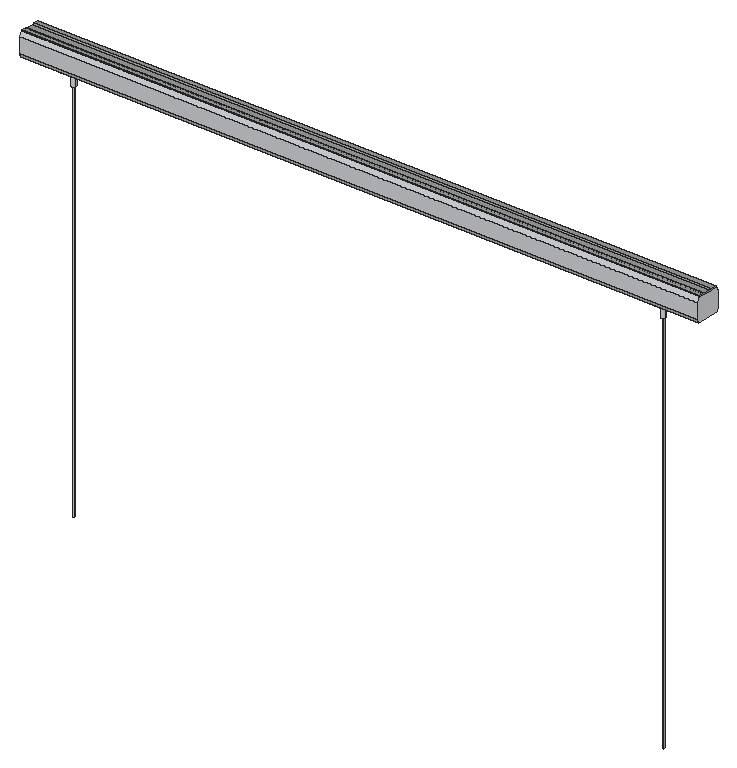
Revit family "0042530 Sylvania Lighting Fixture ISOLINE  1690MM 4K WD E3 8C", category Lighting Fixtures, host Face, Revit 2018
Family settings
  Host = Face
  Round Connector Dimension = Use Diameter
  Part Type = Normal
  OmniClass Number = 23.80.70.00
  OmniClass Title = Lighting
  Cut with Voids When Loaded = No
  Light Source = Yes
  Shared = No
  Room Calculation Point = No
Parameters (values of type "0042530 ISOLINE  1690MM 4K WD E3 8C")
  suspension height = 1000 mm
  spacer height = 5 mm
  spacer centres = 1000 mm
  height = 58.791 mm
  Width = 62 mm
  Weight = "n/a"
  Wattage Comments = ""
  Wattage = 9.2903 W
  WarrantyStartDate [instance] = "n/a"
  WarrantyGuarantorParts = "n/a"
  WarrantyDurationUnit = "n/a"
  WarrantyDurationParts = ""
  WarrantyDescription = "http://www.sylvania-lighting.com"
  built-in parameter 1150110 = 1 (stored number, unit not read)
  Voltage = 0 V
  URL = "0"
  TypeName = "ISOLINE  1690MM 4K WD E3 8C"
  Type Image = <None>
  Type Comments = "n/a"
  built-in parameter 1114217 = 1 (stored number, unit not read)
  Tilt Angle = 90.00°
  built-in parameter 1150109 = 1 (stored number, unit not read)
  built-in parameter 1150134 = 3
  built-in parameter 1150113 = 1 (stored number, unit not read)
  SerialNumber [instance] = "n/a"
  Photometric Web File = "0042530.ies"
  Material_3_FEILO = none
  PowerFactor = 0
  PowerConsumption = "Lighting"
  NominalLength = 62 mm
  NominalHeight = 0 mm
  NominalDepth = 0 mm
  Name = "ISOLINE  1690MM 4K WD E3 8C"
  ModelReference = Name  # "ISOLINE  1690MM 4K WD E3 8C"
  ModelNumber = "0042530"
  Model = Name  # "ISOLINE  1690MM 4K WD E3 8C"
  Material = "Feilo Sylvania"
  ManufacturerName = "136 lm/W"
  Manufacturer = ""
  LuminousEfficacy = ""
  built-in parameter 1150105 = 109.82 (stored number, unit not read)
  Lumens = 1380 lm
  LuminaireType = "0"
  built-in parameter 1150115 = 1 (stored number, unit not read)
  LightOutputRatio = "LED"
  built-in parameter 1150137 = (empty or 0)
  built-in parameter 1150139 = (empty or 0)
  Length = 1690 mm
  LampsType = Lamp  # "n/a"
  LampNominalLuminous = "4000 K"
  LampMacAdamStep = "80"
  LampColourTemperature = "LED"
  LampColourRenderingIndex = "16500"
  built-in parameter 1150112 = 1 (stored number, unit not read)
  built-in parameter 1150114 = 1 (stored number, unit not read)
  Lamp = "n/a"
  Keynote = "n/a"
  InstallationDate [instance] = "n/a"
  InputVoltage = "0"
  InputNominalFrequency = "4000"
  built-in parameter 1150132 = (empty or 0)
  built-in parameter 1150102 = (empty or 0)
  built-in parameter 1150107 = 3200 (stored number, unit not read)
  built-in parameter 1150138 = (empty or 0)
  IngressProtection = "IfcLightFixtureType"
  ImpactProtectionIndex = "IfcLightFixtureType"
  built-in parameter 1150106 = 1.0982 (stored number, unit not read)
  IfcExportType = "IfcLightFixtureType"
  IfcExportAs = "Class I"
  Height = 1000 mm
  ExpectedLife = 50000
  Emit from Circle Diameter = 609.6 mm
  Emit Shape Visible in Rendering = no
  ElectricShockClassification = "136"
  built-in parameter 1150104 = 13.8 (stored number, unit not read)
  DurationUnit = "hours"
  DocumentationLiterature = "http://www.sylvania-lighting.com/product/en-int/products/0042530"
  DimmingControlOptions = "n/a"
  Material_2_FEILO = none
  Dimming Lamp Color Temperature Shift = <None>
  Description = "Isoline LED linear luminaire with 3hr integrated emergency function for industrial and commercial applications. 1690 mm length with wide optics provide homogeneous light distribution for open areas. Aluminium housing, RAL 9016. Max + 35 °C operating temperature range, 4000 K, CRI 80, UGR <25, 3 SDMC. 60 W power consumption, 8150 lm luminous flux, 136 lm/W efficacy, 1690 mm x 62 mm x 59 mm (L x W x H) dimensions, IP20, IK03, 220-240 V 50/60 Hz, Class I.Lifespan L70:B50 60,000 hours."
  Default Elevation = 1219.2 mm
  CreatedOn = "04/03/2021"
  CreatedBy = "@sylvania-lighting.com"
  Cost = 0
  Color Filter = 16777215
  built-in parameter 1114216 [instance] = (empty or 0)
  ClassificationValue = "EF_70_80"
  ClassificationName = "Uniclass2015"
  Material_1_FEILO = none
  BarCode [instance] = "n/a"
  built-in parameter 1114218 = 1 (stored number, unit not read)
  built-in parameter 1150133 = 10 (stored number, unit not read)
  AssetType = "Fixed"
  AssetIdentifier [instance] = "n/a"
  Assembly Code = "D5020200"
  Apparent Load = 60 VA
  Material_4_FEILO = none
Reference planes
  plane 1 "Center (Front/Back)": y = 0
  plane 2: z = 0
  plane 3 "Center (Left/Right)": x = 0
  plane 4: z = 0
  plane 5: z = 1000
  plane 6: y = 31
  plane 7: y = -31
  plane 8: x = -845
  plane 9: x = 845
  plane 10: x = -37.307
  plane 11: x = 55
  plane 12: z = 1058.791
  plane 13: z = 51
  plane 14: y = -27
  plane 15: y = 27
  plane 16: z = 12
  plane 17: y = -24.969
  plane 18: y = 25
  plane 19: y = 12
  plane 20: y = -12
  plane 21: z = 1.634
  plane 22: y = -8
  plane 23: y = 8
  plane 24: z = 995
  plane 25: y = 26.98
  plane 26: y = 16.98
  plane 27: y = -27.027
  plane 28: y = -17.004
  plane 29: z = 996.5
  plane 30: y = 26.002
  plane 31: y = -26.027
  plane 32: through (-1580, 7.965, 1219.2) normal (0.5391, 0.8423, 0)
  plane 33: through (-1555, 7.965, 1219.2) normal (0.5391, -0.8423, 0)
  plane 34: through (1555, 7.965, 1219.2) normal (0.5391, 0.8423, 0)
  plane 35: through (1580, 8, 1219.2) normal (0.5399, -0.8417, 0)
  plane 36: z = 1058.003
  plane 37: z = 1056.819
  plane 38: x = -735
  plane 39: x = 735
Forms (mm)
  Extrusion 1, solid, detail levels medium+fine
    sketch origin (-1690, -1523.717, -160.594) x (0, -1, -0.000261) y (0, 0.000261, -1)
      loop
        line (-1493, -1168.2) -> (-1497, -1160.2) -> (-1551, -1160.2) -> (-1555, -1168.2) -> (-1555, -1207.2) -> (-1549.109, -1218.982) -> (-1535.466, -1218.982) -> (-1532, -1217.566) -> (-1516, -1217.566) -> (-1512.511, -1218.991) -> (-1498.896, -1218.991) -> (-1493, -1207.2) -> (-1493, -1168.2)
    from 845 to 2535
  Extrusion 2, solid
    sketch origin (722.452, 1524, 1219.247) x (0, 1, 0) y (0, 0, 1)
      loop
        line (-1497.021, -219.189) -> (-1498.02, -219.189) -> (-1507.02, -223.699) -> (-1541.004, -223.699) -> (-1550.017, -219.203) -> (-1551.02, -219.203) -> (-1541.004, -224.2) -> (-1507.02, -224.2) -> (-1497.021, -219.189)
    from 0 to 25
  Extrusion 3, solid
    sketch origin (-747.495, 1524, 1219.189) x (0, 1, 0) y (0, 0, 1)
      loop
        line (-1497.021, -219.189) -> (-1498.02, -219.189) -> (-1507.02, -223.699) -> (-1541.004, -223.699) -> (-1550.017, -219.203) -> (-1551.02, -219.203) -> (-1541.004, -224.2) -> (-1507.02, -224.2) -> (-1497.021, -219.189)
    from 0 to 25
  Extrusion 4, solid
    sketch origin (836.384, 0, 0) x (1, 0, 0) y (0, 1, 0)
      loop
        circle (-1571.7, -0.035) r 5
    from 962.277 to 995
  Extrusion 5, solid
    sketch origin (2306.545, 0.065, 0) x (1, 0, 0) y (0, 1, 0)
      loop
        circle (-1571.7, -0.035) r 5
    from 962.277 to 995
  Extrusion 6, solid
    sketch origin (836.717, 0, 0) x (1, 0, 0) y (0, 1, 0)
      loop
        circle (-1571.7, -0.035) r 1.5
    from 0 to 962.277
  Extrusion 7, solid
    sketch origin (2306.663, 0.033, 0) x (1, 0, 0) y (0, 1, 0)
      loop
        circle (-1571.7, -0.035) r 1.5
    from 0 to 962.277
  Extrusion 8, solid, material "Glass, White, High Luminance", detail levels fine
    sketch origin (319, 1524, 1219.2) x (0, 1, 0) y (0, 0, 1)
      loop
        line (-1498.926, -160.099) -> (-1512.703, -160.099) -> (-1516.213, -161.534) -> (-1531.9, -161.534) -> (-1535.47, -160.114) -> (-1549.12, -160.114) -> (-1549.12, -161.197) -> (-1535.782, -161.197) -> (-1532.805, -162.381) -> (-1515.468, -162.381) -> (-1512.929, -161.197) -> (-1498.926, -161.197) -> (-1498.926, -160.099)
    from -1164 to 526
  Extrusion 9, solid, detail levels coarse
    sketch origin (319, 1524, 1219.2) x (0, 1, 0) y (0, 0, 1)
      loop
        line (-1493, -160.052) -> (-1555, -160.052) -> (-1555, -1219.2) -> (-1493, -1219.2) -> (-1493, -160.052)
    from -1164 to 526
Dimensions and locks
  "Width": plane 6 to plane 7
  equal spacing: plane 6, plane 1 "Center (Front/Back)", plane 7
  "Length": plane 8 to plane 9
  equal spacing: plane 8, plane 3 "Center (Left/Right)", plane 9
  "height": plane 12 to plane 5
  "suspension height": plane 5 to level
  aligned and locked: host face to plane 2
  aligned and locked: host face to level
Automatic sketch dimensions
  host sketch curve to host sketch curve = 3582.803 mm
  host sketch curve to host sketch curve = 2438.4 mm
  Extrusion 1 sketch curve to plane 25 = 0 mm
  Extrusion 1 sketch curve to plane 6 = 0.033 mm
  Extrusion 1 sketch curve to plane 12 = 11.778 mm
  Extrusion 1 sketch curve to Extrusion 1 sketch curve = 4 mm  (x2)
  Extrusion 1 sketch curve to Extrusion 1 sketch curve = 5.891 mm
  Extrusion 1 sketch curve to Extrusion 1 sketch curve = 13.643 mm
  Extrusion 1 sketch curve to Extrusion 1 sketch curve = 3.466 mm
  Extrusion 1 sketch curve to Extrusion 1 sketch curve = 16 mm
  Extrusion 1 sketch curve to Extrusion 1 sketch curve = 3.489 mm
  Extrusion 1 sketch curve to Extrusion 1 sketch curve = 13.615 mm
  Extrusion 1 sketch curve to Extrusion 1 sketch curve = 54 mm
  Extrusion 1 sketch curve to Extrusion 1 sketch curve = 47 mm
  Extrusion 1 sketch curve to Extrusion 1 sketch curve = 10.366 mm
  Extrusion 1 sketch curve to Extrusion 1 sketch curve = 1.425 mm
  Extrusion 1 sketch curve to Extrusion 1 sketch curve = 11.782 mm
  Extrusion 1 sketch curve to Extrusion 1 sketch curve = 8 mm  (x2)
  Extrusion 2 sketch curve to plane 28 = 0 mm  (x2)
  Extrusion 2 sketch curve to plane 26 = 0 mm  (x2)
  plane 5 to Extrusion 2 sketch curve = 0.058 mm
  Extrusion 2 sketch curve to plane 31 = 0.01 mm
  Extrusion 2 sketch curve to plane 27 = 0.007 mm
  plane 30 to Extrusion 2 sketch curve = 0.022 mm
  plane 25 to Extrusion 2 sketch curve = 0.001 mm
  plane 5 to Extrusion 2 sketch curve = 0.044 mm
  plane 24 to Extrusion 2 sketch curve = 0.547 mm
  plane 24 to Extrusion 2 sketch curve = 0.047 mm
  Extrusion 3 sketch curve to plane 28 = 0 mm  (x2)
  Extrusion 3 sketch curve to plane 26 = 0 mm  (x2)
  Extrusion 3 sketch curve to plane 5 = 0 mm
  Extrusion 3 sketch curve to plane 31 = 0.01 mm
  Extrusion 3 sketch curve to plane 27 = 0.007 mm
  plane 30 to Extrusion 3 sketch curve = 0.022 mm
  plane 25 to Extrusion 3 sketch curve = 0.001 mm
  Extrusion 3 sketch curve to plane 5 = 0.014 mm
  plane 24 to Extrusion 3 sketch curve = 0.489 mm
  Extrusion 3 sketch curve to plane 24 = 0.011 mm
  plane 32 to Extrusion 4 sketch curve = 448.592 mm
  plane 33 to Extrusion 4 sketch curve = 448.592 mm
  Extrusion 5 sketch curve to plane 1 "Center (Front/Back)" = 0.029 mm
  plane 32 to Extrusion 6 sketch curve = 448.771 mm
  plane 33 to Extrusion 6 sketch curve = 448.771 mm
  plane 1 "Center (Front/Back)" to Extrusion 7 sketch curve = 0.002 mm
  Extrusion 8 sketch curve to plane 36 = 0 mm  (x2)
  Extrusion 8 sketch curve to plane 37 = 0 mm
  plane 17 to Extrusion 8 sketch curve = 0.151 mm
  Extrusion 8 sketch curve to plane 20 = 0.218 mm
  plane 12 to Extrusion 8 sketch curve = 0.295 mm
  Extrusion 8 sketch curve to plane 20 = 0.53 mm
  plane 22 to Extrusion 8 sketch curve = 0.805 mm
  Extrusion 8 sketch curve to plane 22 = 0.1 mm
  plane 23 to Extrusion 8 sketch curve = 0.213 mm
  Extrusion 8 sketch curve to plane 23 = 0.532 mm
  plane 19 to Extrusion 8 sketch curve = 0.929 mm
  Extrusion 8 sketch curve to plane 18 = 0.074 mm
  plane 37 to Extrusion 8 sketch curve = 0.848 mm
  plane 19 to Extrusion 8 sketch curve = 0.703 mm
  plane 12 to Extrusion 8 sketch curve = 0.31 mm
  Extrusion 9 sketch curve to plane 7 = 0 mm
  Extrusion 9 sketch curve to plane 6 = 0 mm
  Extrusion 9 sketch curve to plane 29 = 996.5 mm
  plane 12 to Extrusion 9 sketch curve = 0.357 mm
  Extrusion 5 sketch curve to plane 39 = 0.155 mm
  Extrusion 7 sketch curve to plane 39 = 0.037 mm
  radius of Extrusion 4 sketch curve = 5 mm
  radius of Extrusion 5 sketch curve = 5 mm
  radius of Extrusion 6 sketch curve = 1.5 mm
  radius of Extrusion 7 sketch curve = 1.5 mm
Connectors
  electrical at (0, -0.02, 1000.004)
    settings: on Extrusion 1, index 1, voltage 0 V, apparent load 0 VA, apparent load phase1 0 VA, apparent load phase2 0 VA, apparent load phase3 0 VA, power factor 1, load classification "Other", number of poles 1, system type 31, power factor state 1, is connector primary yes, connector utility no, sub classification motor no, connector description ""
